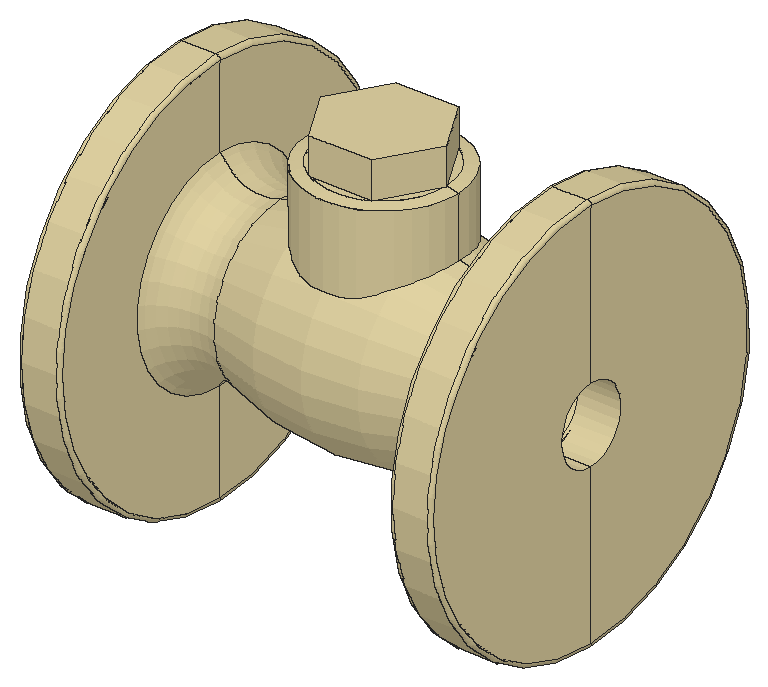
Revit family "DA04310000", category Apparecchi idraulici, Revit 2020
Family settings
  Quota connettore circolare = Usa diametro
  Tipo di parte = Normale
  Numero OmniClass = 23.45.00.00
  Titolo OmniClass = Sanitary, Laundry, and Cleaning Equipment
  Basato su piano di lavoro = No
  Sempre verticale = Sì
  Taglio con vuoti quando caricato = No
  Condiviso = No
  Punto di calcolo locali = No
Parameters
  URL = "https://web.cimberio.com/index.php/figura/682?subcategoria_id=35"
  Temperatura di esercizio = "-10 ÷ 170°C"
  Prospetto di default = 0 mm
  Produttore = "CIMBERIO SPA"
  Pressione nominale = "PN 16"
  Modello = "Cim 77PN6"
  Materiale = "Prodotto in lega di bronzo conforme alla norma EN 1982-CC491K"
  Descrizione = "Utilizzato nei più svariati settori dell'impiantistica in condutture anti-ritorno per: reti di distribuzione acqua potabile, impianti di riscaldamento, condizionamento, igienico-sanitari e distribuzione idrocarburi"
  DN Model [instance] = DA04313110 : DA04313110
  DN [instance] = 15 mm
  Commenti sul tipo = "Realizzato in ottemperanza ai requisiti gestionali della norma EN ISO 9001.\r\nCollaudato al 100% secondo la normativa EN 12266-1"
Reference planes
  plane 1 "Centro (Fronte/Retro)": y = 0
  plane 2: z = 0
  plane 3 "Centro (Sinistra/Destra)": x = 0
Dimensions and locks
  aligned and locked: level to plane 2
Nested families
  nested 1: "DA04313110" at (0, 0, 0), type <- "DN Model", type "DA04313110"
  nested 2: "DA04313110" at (0, 0, 0), type <- "DN Model", type "DA04313110"
  nested 3: "DA04313110" at (0, 0, 0), type <- "DN Model", type "DA04313110"
  nested 4: "DA04313110" at (0, 0, 0), type <- "DN Model", type "DA04313110"
  nested 5: "DA04313110" at (0, 0, 0), type <- "DN Model", type "DA04313110"
  nested 6: "DA04313110" at (0, 0, 0), type <- "DN Model", type "DA04313110"
  nested 7: "DA04313110" at (0, 0, 0), type <- "DN Model", type "DA04313110"
  nested 8: "DA04313110" at (0, 0, 0), type <- "DN Model", type "DA04313110"
  nested 9: "DA04313110" at (0, 0, 0), type <- "DN Model", type "DA04313110"
Connectors
  piping at (41.407, 0, 0), diameter 15, driven by "DN"
    settings: on nested 1, index 1, connector inside diameter 609.6 mm, connector length 0 mm, flow factor 0, pipe flow 0.0 L/s, pressure drop 0.0 Pa, fitting loss kfactor 0, connector angle 0.00°, fixture units 0, engagement length 0 mm, angle of deflection 0.00°, flow configuration 0, flow direction 0, fitting loss method 0, system type 7, joint type 0, gender type 0, connector reference index -1, connector utility 0, adjustable connector no, is connector primary yes, connector description ""
  piping at (-41.232, 0, 0), diameter 15, driven by "DN"
    settings: on nested 1, index 2, connector inside diameter 609.6 mm, connector length 0 mm, flow factor 0, pipe flow 0.0 L/s, pressure drop 0.0 Pa, fitting loss kfactor 0, connector angle 0.00°, fixture units 0, engagement length 0 mm, angle of deflection 0.00°, flow configuration 0, flow direction 0, fitting loss method 0, system type 7, joint type 0, gender type 0, connector reference index -1, connector utility 0, adjustable connector no, is connector primary no, connector description ""
Definition of nested family "DA04313110"
  Parameters (values of type "DA04313110")
    Default Elevation = 0 mm
  Reference planes
    plane 1 "Centro (Fronte/Retro)": y = 0
    plane 2: z = 0
    plane 3 "Centro (Sinistra/Destra)": x = 0
  Forms (mm)
    Revolve 1, solid
      sketch origin (0, 0, 0) x (1, 0, 0) y (0, 0, 1)
        loop
          line (33.343, -7.5) -> (-32.983, -7.5) -> (-32.983, -19.288)
          arc (-32.983, -19.288) -> (-27.734, -14.585) -> (-20.687, -14.614) r 9.811
          arc (-20.687, -14.614) -> (0, -18.5) -> (20.687, -14.614) r 57
          arc (20.687, -14.614) -> (28.136, -14.748) -> (33.343, -20.077) r 9.811
          line (33.343, -20.077) -> (33.343, -7.5)
        axis (-32.983, 2) -> (33.343, 2)
      angle from 0 to 360
    Revolve 2, solid
      sketch origin (0, 0, 0) x (1, 0, 0) y (0, 0, 1)
        loop
          line (-15, 4.172) -> (0, 4.172) -> (0, 32.573) -> (-12.5, 32.573) -> (-15, 32.132) -> (-15, 4.172)
        axis (0, 32.573) -> (0, 4.172)
      angle from 0 to 360
    Extrusion 3, solid
      sketch origin (0, 0, 0) x (0, -1, 0) y (1, 0, 0)
        loop
          line (0, 12.5) -> (-10.825, 6.25) -> (-10.825, -6.25) -> (0, -12.5) -> (10.825, -6.25) -> (10.825, 6.25) -> (0, 12.5)
      from 32.132 to 39.804
    Revolve 4, solid
      sketch origin (-6.732, 0, 0) x (1, 0, 0) y (0, 0, 1)
        loop
          line (-34.5, 39.192) -> (-34.5, 7.5) -> (-26, 7.5) -> (-26, 39.165)
          arc (-26, 39.165) -> (-26.244, 39.756) -> (-26.835, 40) r 0.835
          line (-26.835, 40) -> (-33.692, 40)
          arc (-33.692, 40) -> (-34.263, 39.763) -> (-34.5, 39.192) r 0.808
        axis (-34.5, 0) -> (-26, 0)
      angle from 0 to 360
    Revolve 5, solid
      sketch origin (6.907, 0, 0) x (-1, 0, 0) y (0, 0, 1)
        loop
          line (-34.5, 39.192) -> (-34.5, 7.5) -> (-26, 7.5) -> (-26, 39.165)
          arc (-26, 39.165) -> (-26.244, 39.756) -> (-26.835, 40) r 0.835
          line (-26.835, 40) -> (-33.692, 40)
          arc (-33.692, 40) -> (-34.263, 39.763) -> (-34.5, 39.192) r 0.808
        axis (-34.5, 0) -> (-26, 0)
      angle from 0 to 360
  Dimensions and locks
    aligned and locked: level to plane 2
